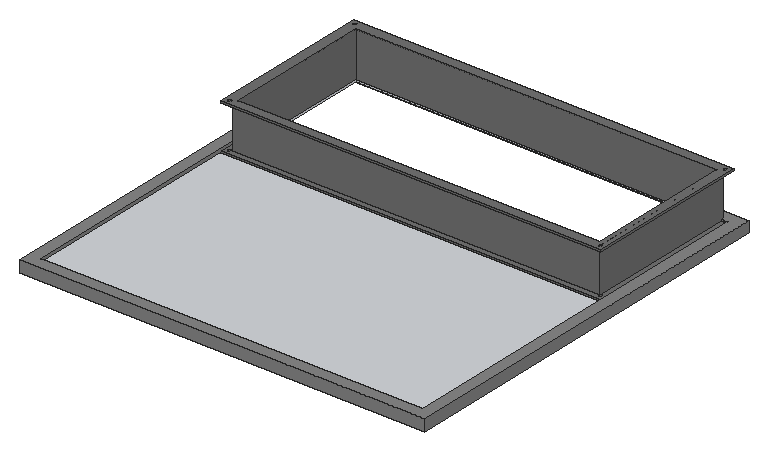
Revit family "20.1 Верхняя торцевая панель с гибкой вставкой ANR P2", category Оборудование, Revit 2016
Family settings
  Тип детали = Нормальный
  Размер круглого соединителя = Использовать диаметр
  На основе рабочей плоскости = Нет
  Всегда вертикально = Да
  При загрузке вырезать с полостями = Нет
  Общий = Нет
  Точка расчета площади = Нет
Parameters (values of type "ANR 8 P2")
  гибкая вставка = резина
  Ширина = А - 2 * Р  # 1178.744 mm
  Середина = Б / 2  # 270 mm
  Р = А * 0.0247  # 30.628 mm
  Д1 = Д - 20 mm  # 130 mm
  Д = 150 mm  # constant formula
  ножки(да/нет) [instance] = no
  Высота = Б - 2 * Р  # 478.744 mm
  Б3 = Б2 - 20 mm  # 1300 mm
  Б2 = 1320 mm
  Б1 = 510 mm
  А3 = А2 - 20 mm  # 1300 mm
  А2 = 1320 mm
  А1 = 1210 mm
  А = 1240 mm
  Б = 540 mm
  Частотный преобразователь [instance] = no
  Частота вращения n, об/мин = ""
  Тип, марка, обозначение = "ANR 8 P2"
  Сила тока J, А = ""
  Регулятор расхода [instance] = no
  Раздел = "ОВ"
  Примечание = ""
  Позиция = ""
  Напряжение U,В = ""
  Наименование и тех.хар-ка = "Верхняя торцевая панель с мягкой вставкой"  # constant formula
  Мощность двигателя N,Вт = ""
  Материал = Сталь серая
  Масса единицы = ""
  Код, оборудования = ""
  Ключевая пометка = "Вентиляция"
  Задание электрикам [instance] = no
  Задание автоматчикам [instance] = no
  Завод изготовитель = "KORF"  # constant formula
  Единица измерения = "шт."  # constant formula
Types (8, lengths in mm): name | Ширина | Середина | Р | Высота | Б3 | Б2 | Б1 | А3 | А2 | А1 | А | Б | Тип, марка, обозначение
  ANR 6 P2 | 988.624 | 270 | 25.688 | 488.624 | 1080 | 1100 | 510 | 1080 | 1100 | 1010 | 1040 | 540 | "ANR 6 P2"
  ANR 7 P2 | 988.624 | 270 | 25.688 | 488.624 | 1300 | 1320 | 510 | 1080 | 1100 | 1010 | 1040 | 540 | "ANR 7 P2"
  ANR 8 P2 | 1178.744 | 270 | 30.628 | 478.744 | 1300 | 1320 | 510 | 1300 | 1320 | 1210 | 1240 | 540 | "ANR 8 P2"
  ANR 12 P2 | 1290.915 | 520 | 33.543 | 972.915 | 1415 | 1435 | 1010 | 1415 | 1435 | 1328 | 1358 | 1040 | "ANR 12 P2"
  ANR 20 P2 | 1503.849 | 520 | 39.075 | 961.849 | 1640 | 1660 | 1010 | 1640 | 1660 | 1552 | 1582 | 1040 | "ANR 20 P2"
  ANR 25 P2 | 1870.781 | 520 | 48.61 | 942.781 | 2025 | 2045 | 1010 | 2025 | 2045 | 1938 | 1968 | 1040 | "ANR 25 P2"
  ANR 30 P2 | 2289.045 | 520 | 59.478 | 921.045 | 2025 | 2045 | 1010 | 2465 | 2485 | 2381 | 2408 | 1040 | "ANR 30 P2"
  ANR 35 P2 | 2289.045 | 770 | 59.478 | 1421.045 | 2465 | 2485 | 1512 | 2465 | 2485 | 2381 | 2408 | 1540 | "ANR 35 P2"
Reference planes
  plane 1 "По центру (Вперед/Назад)": y = 0
  plane 2: z = 0
  plane 3 "По центру (Влево/Вправо)": x = 0
  plane 4: z = 22.5
  plane 5: x = -650
  plane 6: y = -650
  plane 7: x = 650
  plane 8: y = 650
  plane 9: z = 27.5
  plane 10: y = 650
  plane 11: y = 110
  plane 12: y = 380
  plane 13: x = -620
  plane 14: x = 620
  plane 15: x = -605
  plane 16: x = 605
  plane 17: y = 125
  plane 18: y = 635
  plane 19: x = -589.372
  plane 20: x = 589.372
  plane 21: y = 619.372
  plane 22: y = 140.628
  plane 23: z = 177.5
Forms (mm)
  Extrusion 1, void, not visible
    sketch origin (-345, -245, 50) x (0, -1, 0) y (0, 0, -1)
      loop
        line (-477.965, -475) -> (-477.965, -450) -> (-528.913, -450) -> (-528.913, -475) -> (-477.965, -475)
    from -47.452 to 12
  Extrusion 2, solid, detail levels medium+fine
    sketch origin (0, 0, 0) x (1, 0, 0) y (0, 1, 0)
      loop
        line (-650, 650) -> (-650, -650) -> (650, -650) -> (650, 650) -> (-650, 650)
    from 22.5 to 27.5
  Extrusion 3, solid, material "резина" <- "гибкая вставка", detail levels medium+fine
    sketch origin (0, 0, 0) x (1, 0, 0) y (0, 0, 1)
      loop
        line (-620, 177.5) -> (-620, 27.5) -> (620, 27.5) -> (620, 177.5) -> (-620, 177.5)
    from -650 to -110
  Sweep 4, void, detail levels medium+fine
    path in 3D
      loop
        line (-620, 110, 177.5) -> (-620, 650, 177.5) -> (620, 650, 177.5) -> (620, 110, 177.5) -> (-620, 110, 177.5)
    profile origin (0, 110, 177.5) x (0, -1, 0) y (0, 0, 1)
      loop
        line (0, -4.18) -> (-20, -4.18) -> (-20, -145.43) -> (0, -145.43) -> (0, -4.18)
  Extrusion 5, void
    sketch origin (0, 0, 0) x (1, 0, 0) y (0, 1, 0)
      loop
        circle (-605, 635) r 5
      loop
        circle (605, 635) r 5
      loop
        circle (605, 125) r 5
      loop
        circle (-605, 125) r 5
    from 22.5 to 177.5
  Extrusion 6, void
    sketch origin (0, 0, 0) x (1, 0, 0) y (0, 1, 0)
      loop
        line (-589.372, 619.372) -> (-589.372, 140.628) -> (589.372, 140.628) -> (589.372, 619.372) -> (-589.372, 619.372)
    from 22.5 to 177.5
  Sweep 7, solid, material "Сталь серая" <- "Материал", detail levels fine
    path in 3D
      loop
        line (650, -650, 27.5) -> (650, 650, 27.5) -> (-650, 650, 27.5) -> (-650, -650, 27.5) -> (650, -650, 27.5)
    profile "Профиль уголок 10х10 : Профиль уголок 10х10" origin (0, -650, 27.5) x (0, 1, 0) y (0, 0, 1)
      loop
        line (0, -27.5) -> (0, 0) -> (27.5, 0) -> (27.5, 10) -> (-10, 10) -> (-10, -27.5) -> (0, -27.5)
Cuts and joins
  Sweep 4, Extrusion 5, Extrusion 6 cuts Extrusion 3
  Extrusion 5, Extrusion 6 cuts Extrusion 2
Lines and regions (mm)
  sketch lines
    curve 1: line (620, 110, 177.5) -> (-620, 110, 177.5)
    curve 2: line (620, 110, 177.5) -> (620, 650, 177.5)
    curve 3: line (-620, 650, 177.5) -> (620, 650, 177.5)
    curve 4: line (-620, 110, 177.5) -> (-620, 650, 177.5)
    curve 5: line (-650, -650, 27.5) -> (650, -650, 27.5)
    curve 6: line (650, -650, 27.5) -> (650, 650, 27.5)
    curve 7: line (-650, 650, 27.5) -> (-650, -650, 27.5)
    curve 8: line (650, 650, 27.5) -> (-650, 650, 27.5)
  model lines, detail levels coarse
    curve 9: line (-650, -650, 0) -> (650, -650, 0)
    curve 10: line (-650, 650, 0) -> (-650, -650, 0)
    curve 11: line (650, 650, 0) -> (-650, 650, 0)
    curve 12: line (650, -650, 0) -> (650, 650, 0)
    curve 13: line (-589.372, 619.372, 0) -> (589.372, 619.372, 0)
    curve 14: line (-589.372, 140.628, 0) -> (-589.372, 619.372, 0)
    curve 15: line (589.372, 140.628, 0) -> (-589.372, 140.628, 0)
    curve 16: line (589.372, 619.372, 0) -> (589.372, 140.628, 0)
Dimensions and locks
  locked: plane 4 to level at 22.5
  equal spacing: plane 6, plane 1 "По центру (Вперед/Назад)", plane 8
  "Б3": plane 6 to plane 8
  equal spacing: plane 5, plane 3 "По центру (Влево/Вправо)", plane 7
  "А3": plane 5 to plane 7
  locked: plane 9 to plane 4 at 5
  equal spacing: plane 10, plane 12, plane 11
  "Середина": plane 12 to plane 8
  "Б": plane 10 to plane 11
  equal spacing: plane 13, plane 3 "По центру (Влево/Вправо)", plane 14
  "А": plane 13 to plane 14
  equal spacing: plane 15, plane 3 "По центру (Влево/Вправо)", plane 16
  "А1": plane 15 to plane 16
  equal spacing: plane 18, plane 12, plane 17
  "Б1": plane 17 to plane 18
  "Р": plane 13 to plane 19
  "Р": plane 20 to plane 14
  "Р": plane 10 to plane 21
  "Р": plane 22 to plane 11
  "Д": plane 23 to plane 9
  aligned and locked: level to plane 2
  aligned and locked: Extrusion 2 to plane 8
  aligned and locked: Extrusion 2 to plane 7
  aligned and locked: Extrusion 2 to plane 6
  aligned and locked: Extrusion 2 to plane 5
  aligned and locked: Extrusion 2 to plane 4
  aligned and locked: Extrusion 2 to plane 9
  aligned and locked: Extrusion 3 to plane 9
  aligned and locked: plane 23 to Extrusion 3
  aligned and locked: plane 13 to Extrusion 3
  aligned and locked: Extrusion 3 to plane 14
  aligned and locked: Extrusion 3 to plane 11
  aligned and locked: plane 10 to Extrusion 3
  aligned and locked: plane 23 to Extrusion 5
  aligned and locked: Extrusion 5 to plane 4
  aligned and locked: cut or joined group of Extrusion 2, Extrusion 5, Extrusion 6 to plane 21
  aligned and locked: cut or joined group of Extrusion 2, Extrusion 5, Extrusion 6 to plane 19
  aligned and locked: cut or joined group of Extrusion 2, Extrusion 5, Extrusion 6 to plane 22
  aligned and locked: plane 20 to cut or joined group of Extrusion 2, Extrusion 5, Extrusion 6
  aligned and locked: Extrusion 3 to Extrusion 6
  aligned and locked: Extrusion 6 to plane 4
  aligned and locked: curve 9 to cut or joined group of Extrusion 2, Extrusion 5, Extrusion 6
  aligned and locked: cut or joined group of Extrusion 2, Extrusion 5, Extrusion 6 to curve 10
  aligned and locked: curve 11 to Sweep 7
  aligned and locked: curve 12 to Sweep 7
  aligned and locked: curve 13 to cut or joined group of Extrusion 3, Sweep 4, Extrusion 5, Extrusion 6
  aligned and locked: curve 14 to cut or joined group of Extrusion 3, Sweep 4, Extrusion 5, Extrusion 6
  aligned and locked: curve 15 to cut or joined group of Extrusion 3, Sweep 4, Extrusion 5, Extrusion 6
  aligned and locked: curve 16 to cut or joined group of Extrusion 3, Sweep 4, Extrusion 5, Extrusion 6
Automatic sketch dimensions
  plane 5 to Extrusion 2 sketch curve = 0 mm
  plane 7 to Extrusion 2 sketch curve = 0 mm
  plane 6 to Extrusion 2 sketch curve = 0 mm
  plane 8 to Extrusion 2 sketch curve = 0 mm
  Extrusion 1 sketch curve to Extrusion 1 sketch curve = 50.949 mm
  Extrusion 1 sketch curve to Extrusion 1 sketch curve = 25 mm
  Extrusion 3 sketch curve to plane 19 = 30.628 mm
  plane 20 to Extrusion 3 sketch curve = 30.628 mm
  plane 9 to Extrusion 3 sketch curve = 0 mm
  Extrusion 3 sketch curve to Extrusion 3 sketch curve = 150 mm
  Sweep 4 sketch curve to profile plane = 0 mm
  profile plane to Sweep 4 sketch curve = 20 mm
  Sweep 4 sketch curve to profile plane = 145.43 mm
  Sweep 4 sketch curve to profile plane = 4.18 mm
  Extrusion 5 sketch curve to plane 15 = 0 mm  (x2)
  Extrusion 5 sketch curve to plane 16 = 0 mm  (x2)
  plane 17 to Extrusion 5 sketch curve = 0 mm  (x2)
  Extrusion 5 sketch curve to plane 18 = 0 mm  (x2)
  plane 19 to Extrusion 6 sketch curve = 0 mm
  Extrusion 6 sketch curve to plane 20 = 0 mm
  plane 22 to Extrusion 6 sketch curve = 0 mm
  Extrusion 6 sketch curve to plane 21 = 0 mm
  radius of Extrusion 5 sketch curve = 5 mm  (x4)
Nested families
  nested 1: "крепление 15мм" at (-330, 229.965, 495), type "крепление 15мм", not visible
Definition of nested family "крепление 15мм"
  Parameters (values of type "крепление 15мм")
    Материал крепления = none
  Reference planes
    plane 1 "По центру (Вперед/Назад)": y = 0
    plane 2: z = 0
    plane 3 "По центру (Влево/Вправо)": x = 0
  Forms (mm)
    Extrusion 1, solid, material <- "Материал крепления"
      sketch origin (0, 0, 0) x (1, 0, 0) y (0, 1, 0)
        loop
          line (-25, 0) -> (0, 0) -> (0, 18.31) -> (0, 25) -> (-3, 25) -> (-3, 3) -> (-25, 3) -> (-25, 0)
      from 0 to 30
    Extrusion 2, void
      sketch origin (0, 0, 0) x (1, 0, 0) y (0, 1, 0)
        loop
          line (-3, 3) -> (-3, 54.96) -> (-58, 54.96) -> (-58, 3) -> (-3, 3)
      from 0 to 15
  Cuts and joins
    Extrusion 2 cuts Extrusion 1
  Dimensions and locks
    Extrusion 1 sketch curve to Extrusion 1 sketch curve = 3 mm  (x2)
    Extrusion 1 sketch curve to Extrusion 1 sketch curve to plane 3 "По центру (Влево/Вправо)" = 25 mm, 0 mm
    Extrusion 1 sketch curve to Extrusion 1 sketch curve = 25 mm
    aligned and locked: level to plane 2
